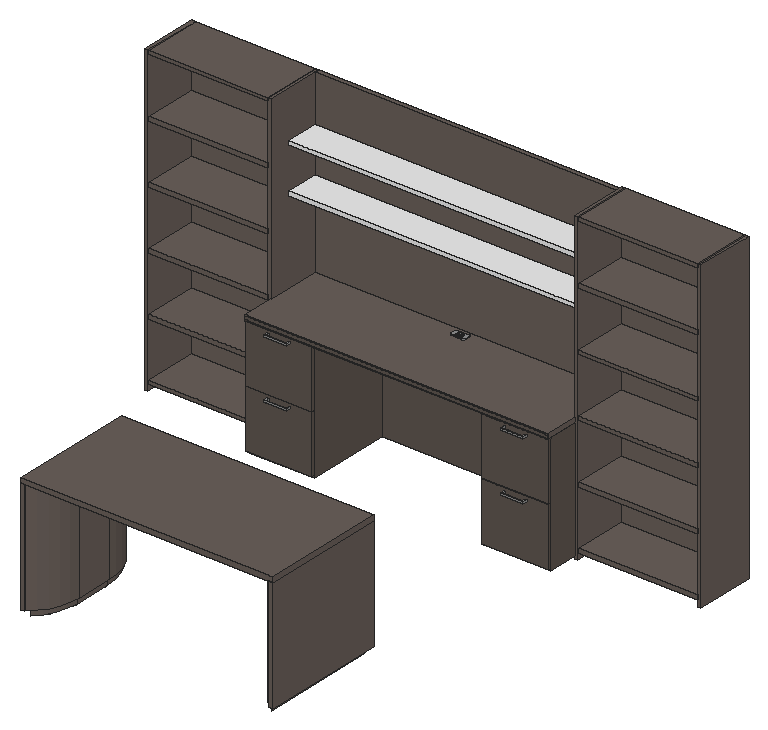
Revit family "OFS TYPICAL T100178", category Furniture, Revit 2022
Family settings
  OmniClass Number = 23.40.20.00
  OmniClass Title = General Furniture and Specialties
  Work Plane-Based = No
  Always vertical = Yes
  Cut with Voids When Loaded = No
  Render Appearance Source = Family Geometry
  Shared = No
  Room Calculation Point = No
Parameters (values of type "T100178")
  URL = "http://ofs.com/"
  Model = "T100178"
  Manufacturer = "OFS"
  Description = "OFS TYPICAL T100178"
  Default Elevation = 0' - 0"
  Copyright © = "©OFS 2024"
  Catalog = ""
  Authoring Version = "Autodesk Revit 2018"
  Assembly Code = "E2020200"
Reference planes (in)
  plane 1 "Center Front/Back": y = 0
  plane 2: z = 0
  plane 3 "Center Left/Right": x = 0
Dimensions and locks (in)
  nested 1 to nested 5 = 11' - 0"
  nested 2 to plane 1 "Center Front/Back" = 8' - 0"
  aligned and locked: level to plane 2
Nested families (in)
  nested 1: "OFS IMPULSE G2 BOOKCASES 5 Shelves" at (-50.718, -10, 0), type "Bookcase 5 Shelves 30x72.5"
  nested 2: "OFS IMPULSE G2 HEIGHT ADJUSTABLE ARC BASE DESKS" at (0, -81, 0), type "Height Adjustable Arc Base Desk 60x30"
  nested 3: "OFS IMPULSE G2 DOUBLE PEDESTAL KNEESPACE CREDENZAS" at (0, -7, 0), type "Full Kneespace Credenza 72"
    with Groomet Option yes
  nested 4: "OFS IMPULSE G2 WALLMOUNT MEDIA PANELS for Desk Height Worksurfaces" at (0, 0.00078, 0), type "Wallmount Media Panel for Desk Height Worksurface 72x43"
    with Top Shelf Option yes, Middle Shelf Option yes, Bottom Shelf Option yes
  nested 5: "OFS IMPULSE G2 BOOKCASES 5 Shelves" at (50.718, -10, 0) x (-1, 0, 0) z (0, 0, 1), type "Bookcase 5 Shelves 30x72.875"
Definition of nested family "OFS IMPULSE G2 BOOKCASES 5 Shelves"
  Parameters (values of type "Bookcase 5 Shelves 36x72.875")
    URL = "https://ofs.com/"
    Width = 3' - 0"
    Shelf Material = none
    Model = "5-3673BC"
    Manufacturer = "OFS"
    Height from Floor = 0' - 0"
    Height = 6' - 0 7/8"
    Description = "OFS IMPULSE G2 BOOKCASE 5 SHELVES, 36\" Width, 72.875\" Height, Three Adjustable Shelves, Two Stationary Shelves"
    Depth = 1' - 2"
    Default Elevation = 0' - 0"
    Copyright © = "©OFS 2020"
    Catalog = "https://ofs.com/products/casegoods/private-office/pulse"
    Chassis Material = none
    Authoring Version = "Autodesk Revit Architecture 2015"
    Assembly Code = "E2020200"
  Types (5): name | Width | Model | Height | Description
    (no name) | 3' - 0" | "5-3673BC" | 6' - 0 7/8" | "OFS IMPULSE G2 BOOKCASE 5 SHELVES, 36\" Width, 72.875\" Height, Three Adjustable Shelves, Two Stationary Shelves"
    Bookcase 5 Shelves 30x72.5 | 2' - 6" | "5-3072BC2" | 6' - 0 1/2" | "OFS IMPULSE G2 BOOKCASE 5 SHELVES, 30\" Width, Three Adjustable Shelves, Two Stationary Shelves"
    Bookcase 5 Shelves 36x72.5 | 3' - 0" | "5-3672BC2" | 6' - 0 1/2" | "OFS IMPULSE G2 BOOKCASE 5 SHELVES, 36\" Width, Three Adjustable Shelves, Two Stationary Shelves"
    Bookcase 5 Shelves 30x72.875 | 2' - 6" | "5-3073BC" | 6' - 0 7/8" | "OFS IMPULSE G2 BOOKCASE 5 SHELVES, 30\" Width, 72.875\" Height, Three Adjustable Shelves, Two Stationary Shelves"
    Bookcase 5 Shelves 36x72.875 | 3' - 0" | "5-3673BC" | 6' - 0 7/8" | "OFS IMPULSE G2 BOOKCASE 5 SHELVES, 36\" Width, 72.875\" Height, Three Adjustable Shelves, Two Stationary Shelves"
  Reference planes (in)
    plane 1 "Center Front/Back": y = 3
    plane 2: z = 0
    plane 3 "Center Left/Right": x = -0.282
    plane 4 "LEFT": x = -18.282
    plane 5 "BASE HEIGHT": z = 0
    plane 6 "PEDESTAL FRONT": y = -4
    plane 7 "BACK": y = 10
    plane 8: x = 17.718
    plane 9: z = 72.875
    plane 10: x = -17.532
    plane 11: x = 16.968
    plane 12: z = 72.125
    plane 13: y = 9.5
    plane 14: y = 8.75
    plane 15: z = 44.725
    plane 16: z = 43.725
    plane 17: z = 2.5
    plane 18: z = 1.5
    plane 19: z = 58.8
    plane 20: z = 57.8
    plane 21: z = 30.65
    plane 22: z = 29.65
    plane 23: z = 16.575
    plane 24: z = 15.575
  Forms (in)
    Extrusion 1, solid, material <- "Chassis Material"
      sketch origin (0, 0, 0) x (1, 0, 0) y (0, 1, 0)
        loop
          line (-18.282, 10) -> (-18.282, -4) -> (-17.532, -4) -> (-17.532, 10) -> (-18.282, 10)
        loop
          line (17.718, 10) -> (16.968, 10) -> (16.968, -4) -> (17.718, -4) -> (17.718, 10)
      from 0 to 72.875
    Extrusion 2, solid, material <- "Chassis Material"
      sketch origin (0, 0, 0) x (1, 0, 0) y (0, 1, 0)
        loop
          line (-17.532, 9.5) -> (-17.532, 8.75) -> (16.968, 8.75) -> (16.968, 9.5) -> (-17.532, 9.5)
      from 0 to 72.125
    Extrusion 3, solid, material <- "Chassis Material"
      sketch origin (0, 0, 0) x (1, 0, 0) y (0, 1, 0)
        loop
          line (-17.532, 10) -> (-17.532, -4) -> (16.968, -4) -> (16.968, 10) -> (-17.532, 10)
      from 72.125 to 72.875
    Extrusion 4, solid, material <- "Shelf Material"
      sketch origin (0, 0, -15) x (1, 0, 0) y (0, 1, 0)
        loop
          line (-17.532, 8.75) -> (-17.532, -4) -> (16.968, -4) -> (16.968, 8.75) -> (-17.532, 8.75)
      from 58.725 to 59.725
    Extrusion 5, solid, material <- "Shelf Material"
      sketch origin (0, 0, -50.16667) x (1, 0, 0) y (0, 1, 0)
        loop
          line (-17.532, 8.75) -> (-17.532, -4) -> (16.968, -4) -> (16.968, 8.75) -> (-17.532, 8.75)
      from 51.66667 to 52.66667
    Extrusion 6, solid, material <- "Shelf Material"
      sketch origin (0, 0, -3) x (1, 0, 0) y (0, 1, 0)
        loop
          line (-17.532, 8.75) -> (-17.532, -4) -> (16.968, -4) -> (16.968, 8.75) -> (-17.532, 8.75)
      from 60.8 to 61.8
    Extrusion 7, solid, material <- "Shelf Material"
      sketch origin (0, 0, -30) x (1, 0, 0) y (0, 1, 0)
        loop
          line (-17.532, 8.75) -> (-17.532, -4) -> (16.968, -4) -> (16.968, 8.75) -> (-17.532, 8.75)
      from 59.65 to 60.65
    Extrusion 8, solid, material <- "Shelf Material"
      sketch origin (0, 0, -44.6064) x (1, 0, 0) y (0, 1, 0)
        loop
          line (-17.532, 8.75) -> (-17.532, -4) -> (16.968, -4) -> (16.968, 8.75) -> (-17.532, 8.75)
      from 60.1814 to 61.1814
  Dimensions and locks (in)
    "Width": plane 4 "LEFT" to plane 8
    equal spacing: plane 4 "LEFT", plane 3 "Center Left/Right", plane 8
    equal spacing: plane 7 "BACK", plane 1 "Center Front/Back", plane 6 "PEDESTAL FRONT"
    "Depth": plane 6 "PEDESTAL FRONT" to plane 7 "BACK"
    "Height from Floor": plane 5 "BASE HEIGHT" to level
    "Height": plane 9 to plane 5 "BASE HEIGHT"
    plane 9 to plane 12 = 0' - 0 3/4"
    plane 4 "LEFT" to plane 10 = 0' - 0 3/4"
    plane 11 to plane 8 = 0' - 0 3/4"
    locked: plane 15 to plane 16 at 1
    plane 17 to plane 18 to level = 0' - 1" locked, 0' - 1 1/2" locked
    locked: plane 19 to plane 20 at 1
    locked: plane 21 to plane 22 at 1
    locked: plane 23 to plane 24 at 1
    equal spacing: plane 9, plane 19, plane 15, plane 21, plane 23, plane 17
    aligned and locked: level to plane 2
    aligned and locked: Extrusion 1 sketch curve to plane 7 "BACK"  (x2)
    aligned and locked: plane 4 "LEFT" to Extrusion 1 sketch curve
    aligned and locked: plane 6 "PEDESTAL FRONT" to Extrusion 1 sketch curve  (x2)
    aligned and locked: Extrusion 1 sketch curve to plane 10
    aligned and locked: Extrusion 1 sketch curve to plane 8
    aligned and locked: plane 11 to Extrusion 1 sketch curve
    aligned and locked: Extrusion 2 sketch curve to plane 13
    aligned and locked: plane 10 to Extrusion 2 sketch curve
    aligned and locked: plane 14 to Extrusion 2 sketch curve
    aligned and locked: plane 11 to Extrusion 2 sketch curve
    aligned and locked: Extrusion 2 to plane 5 "BASE HEIGHT"
    aligned and locked: plane 12 to Extrusion 2
    aligned and locked: plane 9 to Extrusion 1
    aligned and locked: Extrusion 3 sketch curve to plane 7 "BACK"
    aligned and locked: Extrusion 3 sketch curve to plane 6 "PEDESTAL FRONT"
    aligned and locked: plane 10 to Extrusion 3 sketch curve
    aligned and locked: plane 11 to Extrusion 3 sketch curve
    aligned and locked: plane 9 to Extrusion 3
    aligned and locked: Extrusion 3 to plane 12
    aligned and locked: plane 15 to Extrusion 4
    aligned and locked: Extrusion 4 to plane 16
    aligned and locked: plane 14 to Extrusion 4
    aligned and locked: Extrusion 1 to level
    aligned and locked: plane 17 to Extrusion 5
    aligned and locked: Extrusion 5 to plane 18
    aligned and locked: plane 19 to Extrusion 6
    aligned and locked: Extrusion 6 to plane 20
    aligned and locked: plane 21 to Extrusion 7
    aligned and locked: Extrusion 7 to plane 22
    aligned and locked: plane 23 to Extrusion 8
    aligned and locked: Extrusion 8 to plane 24
  Automatic sketch dimensions
    Extrusion 4 sketch curve to plane 6 "PEDESTAL FRONT" = 0' - 0"
    Extrusion 4 sketch curve to plane 10 = 0' - 0"
    Extrusion 4 sketch curve to plane 11 = 0' - 0"
    Extrusion 4 sketch curve to plane 14 = 0' - 0"
    Extrusion 5 sketch curve to plane 6 "PEDESTAL FRONT" = 0' - 0"
    Extrusion 5 sketch curve to plane 10 = 0' - 0"
    Extrusion 5 sketch curve to plane 11 = 0' - 0"
    Extrusion 5 sketch curve to plane 14 = 0' - 0"
    Extrusion 6 sketch curve to plane 6 "PEDESTAL FRONT" = 0' - 0"
    Extrusion 6 sketch curve to plane 10 = 0' - 0"
    Extrusion 6 sketch curve to plane 11 = 0' - 0"
    Extrusion 6 sketch curve to plane 14 = 0' - 0"
    Extrusion 7 sketch curve to plane 6 "PEDESTAL FRONT" = 0' - 0"
    Extrusion 7 sketch curve to plane 10 = 0' - 0"
    Extrusion 7 sketch curve to plane 11 = 0' - 0"
    Extrusion 7 sketch curve to plane 14 = 0' - 0"
    Extrusion 8 sketch curve to plane 6 "PEDESTAL FRONT" = 0' - 0"
    Extrusion 8 sketch curve to plane 10 = 0' - 0"
    Extrusion 8 sketch curve to plane 11 = 0' - 0"
    Extrusion 8 sketch curve to plane 14 = 0' - 0"
Definition of nested family "OFS IMPULSE G2 HEIGHT ADJUSTABLE ARC BASE DESKS"
  Parameters (values of type "Height Adjustable Arc Base Desk 60x30")
    URL = "https://ofs.com/"
    Glides Material = none
    Depth = 2' - 6"
    Model = "5-6030HADABD"
    Manufacturer = "OFS"
    Worksurface Finish = none
    Height = 2' - 6"
    Description = "OPS IMPULSE G2 WALLMOUNT MEDIA PANEL USED WITH LOW HEIGHT WORKSURFACE, 60\" Width, 30\" Depth"
    Width = 5' - 0"
    Default Elevation = 0' - 0"
    Curved Delta = 0' - 9"
    Copyright © = "©OFS 2020"
    Catalog = "https://ofs.com/products/casegoods/private-office/impulse-g2"
    Base Material = none
    Authoring Version = "Autodesk Revit Architecture 2015"
    Assembly Code = "E2020200"
  Types (5): name | Depth | Model | Description | Width | Curved Delta
    (no name) | 2' - 6" | "5-6030HADABD" | "OPS IMPULSE G2 WALLMOUNT MEDIA PANEL USED WITH LOW HEIGHT WORKSURFACE, 60\" Width, 30\" Depth" | 5' - 0" | 0' - 9"
    Height Adjustable Arc Base Desk 60x30 | 2' - 6" | "5-6030HADABD" | "OPS IMPULSE G2 WALLMOUNT MEDIA PANEL USED WITH LOW HEIGHT WORKSURFACE, 60\" Width, 30\" Depth" | 5' - 0" | 0' - 9"
    Height Adjustable Arc Base Desk 72x36 | 3' - 0" | "5-7236HADABD" | "OPS IMPULSE G2 WALLMOUNT MEDIA PANEL USED WITH LOW HEIGHT WORKSURFACE, 72\" Width, 36\" Depth" | 6' - 0" | 1' - 3"
    Height Adjustable Arc Base Desk 66x30 | 2' - 6" | "5-6630HADABD" | "OPS IMPULSE G2 WALLMOUNT MEDIA PANEL USED WITH LOW HEIGHT WORKSURFACE, 66\" Width, 30\" Depth" | 5' - 6" | 0' - 9"
    Height Adjustable Arc Base Desk 72x30 | 2' - 6" | "5-7230HADABD" | "OPS IMPULSE G2 WALLMOUNT MEDIA PANEL USED WITH LOW HEIGHT WORKSURFACE, 72\" Width, 30\" Depth" | 6' - 0" | 0' - 9"
  Reference planes (in)
    plane 1 "BACK": y = 0
    plane 2: z = 0
    plane 3 "Center Left/Right": x = 0
    plane 4 "LEFT": x = -30
    plane 5 "RIGHT": x = 30
    plane 6: z = 30
    plane 7: y = 15
    plane 8: y = -15
    plane 9: z = 28.8125
    plane 10: z = 22.8125
    plane 11: z = 1.9375
    plane 12: z = 0.5
    plane 13: z = 22.5
    plane 14: x = -29
    plane 15: x = -24.25
    plane 16: x = -19.75
    plane 17: x = -16.75
    plane 18: x = 29
    plane 19: x = 24.25
    plane 20: x = 19.75
    plane 21: x = 16.75
    plane 22: y = -4.5
    plane 23: y = 4.5
    plane 24: y = 4.5
    plane 25: y = 3.75
    plane 26: y = -4.5
    plane 27: y = -3.75
    plane 28: y = -9.75
    plane 29: y = 9.75
  Forms (in)
    Extrusion 1, solid, material <- "Base Material"
      sketch origin (0, 0, 0) x (-1, 0, 0) y (0, -1, 0)
        loop
          line (-24.25, -4.5) -> (-24.25, 4.5)
          arc (-24.25, 4.5) -> (-25.49458, 10.17693) -> (-29, 14.8125) r 13.56949
          line (-29, 14.8125) -> (-29, 15) -> (-30, 15) -> (-30, -15) -> (-29, -15) -> (-29, -14.8125)
          arc (-29, -14.8125) -> (-25.49458, -10.17693) -> (-24.25, -4.5) r 13.56949
      from 1.9375 to 28.8125
    Extrusion 2, solid, material <- "Base Material"
      sketch origin (0, 0, 0) x (1, 0, 0) y (0, 1, 0)
        loop
          arc (-24.25, 4.5) -> (-25.49458, 10.17693) -> (-29, 14.8125) r 13.56949
          line (-29, 14.8125) -> (-29, 15) -> (-30, 15) -> (-30, -15) -> (-29, -15) -> (-29, -14.8125)
          arc (-29, -14.8125) -> (-25.49458, -10.17693) -> (-24.25, -4.5) r 13.56949
          line (-24.25, -4.5) -> (-24.25, 4.5)
      from 1.9375 to 28.8125
    Extrusion 3, solid, material <- "Base Material"
      sketch origin (0, 0, 0) x (1, 0, 0) y (0, 1, 0)
        loop
          arc (-28.5625, -13.72603) -> (-25.74067, -9.49136) -> (-24.75, -4.5) r 13.06949
          line (-24.75, -4.5) -> (-24.75, 4.5)
          arc (-24.75, 4.5) -> (-25.74067, 9.49136) -> (-28.5625, 13.72603) r 13.06949
          line (-28.5625, 13.72603) -> (-28.5625, -13.72603)
      from 0.5 to 22.5
    Extrusion 4, solid, material <- "Base Material"
      sketch origin (0, 0, 0) x (-1, 0, 0) y (0, -1, 0)
        loop
          line (-28.5625, 13.72603) -> (-28.5625, -13.72603)
          arc (-28.5625, -13.72603) -> (-25.74067, -9.49136) -> (-24.75, -4.5) r 13.06949
          line (-24.75, -4.5) -> (-24.75, 4.5)
          arc (-24.75, 4.5) -> (-25.74067, 9.49136) -> (-28.5625, 13.72603) r 13.06949
      from 0.5 to 22.5
    Extrusion 5, solid, material <- "Base Material"
      sketch origin (0, 0, 0) x (1, 0, 0) y (0, 0, 1)
        loop
          line (24.25, 22.8125) -> (24.25, 28.8125) -> (19.75, 28.8125)
          arc (19.75, 28.8125) -> (18.25, 27.3125) -> (16.75, 28.8125) r 1.5
          line (16.75, 28.8125) -> (-16.75, 28.8125)
          arc (-16.75, 28.8125) -> (-18.25, 27.3125) -> (-19.75, 28.8125) r 1.5
          line (-19.75, 28.8125) -> (-24.25, 28.8125) -> (-24.25, 22.8125) -> (-19.75, 22.8125)
          arc (-19.75, 22.8125) -> (-18.33256, 23.12555) -> (-17.17882, 24.00647) r 3.36545
          arc (-17.17882, 24.00647) -> (-14.95051, 25.70787) -> (-12.21288, 26.3125) r 6.5
          line (-12.21288, 26.3125) -> (12.21288, 26.3125)
          arc (12.21288, 26.3125) -> (14.95051, 25.70787) -> (17.17882, 24.00647) r 6.5
          arc (17.17882, 24.00647) -> (18.33256, 23.12555) -> (19.75, 22.8125) r 3.36545
          line (19.75, 22.8125) -> (24.25, 22.8125)
      from 3.75 to 4.5
    Extrusion 6, solid, material <- "Base Material"
      sketch origin (0, 0, 0) x (1, 0, 0) y (0, 0, 1)
        loop
          line (-24.25, 28.8125) -> (-24.25, 22.8125) -> (24.25, 22.8125) -> (24.25, 28.8125) -> (19.75, 28.8125)
          arc (19.75, 28.8125) -> (18.25, 27.3125) -> (16.75, 28.8125) r 1.5
          line (16.75, 28.8125) -> (-16.75, 28.8125)
          arc (-16.75, 28.8125) -> (-18.25, 27.3125) -> (-19.75, 28.8125) r 1.5
          line (-19.75, 28.8125) -> (-24.25, 28.8125)
      from -4.5 to -3.75
    Extrusion 7, solid, material <- "Worksurface Finish"
      sketch origin (0, 0, 0) x (1, 0, 0) y (0, 1, 0)
        loop
          line (-30, 15) -> (-30, -15) -> (30, -15) -> (30, 15) -> (-30, 15)
      from 28.8125 to 30
    Revolve 8, solid, material <- "Glides Material"
      sketch origin (-85.24176, -9.75, 0) x (1, 0, 0) y (0, 0, 1)
        loop
          line (57.90018, 0.5) -> (57.57518, 0.5) -> (57.57518, 0.2225) -> (57.47673, 0.2225)
          arc (57.47673, 0.2225) -> (57.36548, 0.11125) -> (57.47673, 0) r 0.11125
          line (57.47673, 0) -> (57.90018, 0) -> (57.90018, 0.5)
        axis (57.90018, 0) -> (57.90018, 0.5)
      angle from 0 to 360
    Revolve 9, solid, material <- "Glides Material"
      sketch origin (-83.61392, -4.5, 0) x (1, 0, 0) y (0, 0, 1)
        loop
          line (57.90018, 0.5) -> (57.57518, 0.5) -> (57.57518, 0.2225) -> (57.47673, 0.2225)
          arc (57.47673, 0.2225) -> (57.36548, 0.11125) -> (57.47673, 0) r 0.11125
          line (57.47673, 0) -> (57.90018, 0) -> (57.90018, 0.5)
        axis (57.90018, 0) -> (57.90018, 0.5)
      angle from 0 to 360
    Revolve 10, solid, material <- "Glides Material"
      sketch origin (-85.24176, 9.75, 0) x (1, 0, 0) y (0, 0, -1)
        loop
          line (57.90018, -0.5) -> (57.90018, 0) -> (57.47673, 0)
          arc (57.47673, 0) -> (57.36548, -0.11125) -> (57.47673, -0.2225) r 0.11125
          line (57.47673, -0.2225) -> (57.57518, -0.2225) -> (57.57518, -0.5) -> (57.90018, -0.5)
        axis (57.90018, 0) -> (57.90018, -0.5)
      angle from 0 to 360
    Revolve 11, solid, material <- "Glides Material"
      sketch origin (-83.61392, 4.5, 0) x (1, 0, 0) y (0, 0, -1)
        loop
          line (57.90018, -0.5) -> (57.90018, 0) -> (57.47673, 0)
          arc (57.47673, 0) -> (57.36548, -0.11125) -> (57.47673, -0.2225) r 0.11125
          line (57.47673, -0.2225) -> (57.57518, -0.2225) -> (57.57518, -0.5) -> (57.90018, -0.5)
        axis (57.90018, 0) -> (57.90018, -0.5)
      angle from 0 to 360
    Revolve 12, solid, material <- "Glides Material"
      sketch origin (85.24176, -9.75, 0) x (-1, 0, 0) y (0, 0, -1)
        loop
          line (57.90018, -0.5) -> (57.90018, 0) -> (57.47673, 0)
          arc (57.47673, 0) -> (57.36548, -0.11125) -> (57.47673, -0.2225) r 0.11125
          line (57.47673, -0.2225) -> (57.57518, -0.2225) -> (57.57518, -0.5) -> (57.90018, -0.5)
        axis (57.90018, 0) -> (57.90018, -0.5)
      angle from 0 to 360
    Revolve 13, solid, material <- "Glides Material"
      sketch origin (83.61392, -4.5, 0) x (-1, 0, 0) y (0, 0, -1)
        loop
          line (57.90018, -0.5) -> (57.90018, 0) -> (57.47673, 0)
          arc (57.47673, 0) -> (57.36548, -0.11125) -> (57.47673, -0.2225) r 0.11125
          line (57.47673, -0.2225) -> (57.57518, -0.2225) -> (57.57518, -0.5) -> (57.90018, -0.5)
        axis (57.90018, 0) -> (57.90018, -0.5)
      angle from 0 to 360
    Revolve 14, solid, material <- "Glides Material"
      sketch origin (85.24176, 9.75, 0) x (-1, 0, 0) y (0, 0, 1)
        loop
          line (57.90018, 0.5) -> (57.57518, 0.5) -> (57.57518, 0.2225) -> (57.47673, 0.2225)
          arc (57.47673, 0.2225) -> (57.36548, 0.11125) -> (57.47673, 0) r 0.11125
          line (57.47673, 0) -> (57.90018, 0) -> (57.90018, 0.5)
        axis (57.90018, 0) -> (57.90018, 0.5)
      angle from 0 to 360
    Revolve 15, solid, material <- "Glides Material"
      sketch origin (83.61392, 4.5, 0) x (-1, 0, 0) y (0, 0, 1)
        loop
          line (57.90018, 0.5) -> (57.57518, 0.5) -> (57.57518, 0.2225) -> (57.47673, 0.2225)
          arc (57.47673, 0.2225) -> (57.36548, 0.11125) -> (57.47673, 0) r 0.11125
          line (57.47673, 0) -> (57.90018, 0) -> (57.90018, 0.5)
        axis (57.90018, 0) -> (57.90018, 0.5)
      angle from 0 to 360
  Dimensions and locks (in)
    "Width": plane 4 "LEFT" to plane 5 "RIGHT"
    equal spacing: plane 4 "LEFT", plane 3 "Center Left/Right", plane 5 "RIGHT"
    equal spacing: plane 8, plane 1 "BACK", plane 7
    "Depth": plane 8 to plane 7
    "Height": plane 6 to level
    plane 11 to plane 10 to plane 9 to plane 6 = 1' - 8 7/8" locked, 0' - 6" locked, 0' - 1 3/16" locked
    plane 13 to plane 12 to level = 1' - 10" locked, 0' - 0 1/2" locked
    plane 4 "LEFT" to plane 14 to plane 15 to plane 16 to plane 17 = 0' - 1" locked, 0' - 4 3/4" locked, 0' - 4 1/2" locked, 0' - 3" locked
    plane 5 "RIGHT" to plane 18 to plane 19 to plane 20 to plane 21 = 0' - 1" locked, 0' - 4 3/4" locked, 0' - 4 1/2" locked, 0' - 3" locked
    equal spacing: plane 23, plane 1 "BACK", plane 22
    "Curved Delta": plane 23 to plane 22
    plane 26 to plane 27 to plane 1 "BACK" to plane 25 to plane 24 = 0' - 0 3/4" locked, 0' - 3 3/4" locked, 0' - 3 3/4" locked, 0' - 0 3/4" locked
    equal spacing: plane 22, plane 28, plane 8
    equal spacing: plane 23, plane 29, plane 7
    aligned and locked: plane 9 to Extrusion 1
    aligned and locked: plane 11 to Extrusion 1
    aligned and locked: plane 22 to Extrusion 1 sketch curve
    aligned and locked: plane 23 to Extrusion 1 sketch curve
    aligned and locked: plane 12 to Extrusion 4
    aligned and locked: plane 12 to Extrusion 3
    aligned and locked: Extrusion 4 to plane 13
    aligned and locked: Extrusion 3 to plane 13
    aligned and locked: plane 9 to Extrusion 2
    aligned and locked: plane 11 to Extrusion 2
    aligned and locked: Extrusion 5 sketch curve to plane 10
    aligned and locked: Extrusion 5 sketch curve to plane 15
    aligned and locked: Extrusion 5 sketch curve to plane 9
    aligned and locked: plane 19 to Extrusion 5 sketch curve
    aligned and locked: plane 16 to Extrusion 5 sketch curve
    aligned and locked: plane 20 to Extrusion 5 sketch curve
    aligned and locked: Extrusion 5 to plane 26
    aligned and locked: Extrusion 5 to plane 27
    aligned and locked: plane 15 to Extrusion 6 sketch curve
    aligned and locked: Extrusion 6 sketch curve to plane 9
    aligned and locked: plane 19 to Extrusion 6 sketch curve
    aligned and locked: Extrusion 6 sketch curve to plane 10
    aligned and locked: plane 24 to Extrusion 6
    aligned and locked: Extrusion 6 to plane 25
    aligned and locked: Extrusion 7 sketch curve to plane 8
    aligned and locked: Extrusion 7 sketch curve to plane 5 "RIGHT"
    aligned and locked: Extrusion 7 sketch curve to plane 7
    aligned and locked: plane 4 "LEFT" to Extrusion 7 sketch curve
    aligned and locked: Extrusion 7 to plane 9
    aligned and locked: plane 6 to Extrusion 7
    aligned and locked: plane 28 to Revolve 8
    aligned and locked: plane 22 to Revolve 9
    aligned and locked: plane 23 to Revolve 11
    aligned and locked: plane 29 to Revolve 10
    aligned and locked: plane 29 to Revolve 14
    aligned and locked: plane 28 to Revolve 12
    aligned and locked: plane 23 to Revolve 15
    aligned and locked: plane 22 to Revolve 13
  Automatic sketch dimensions
    Extrusion 1 sketch curve to plane 5 "RIGHT" = 0' - 0"
    Extrusion 1 sketch curve to plane 18 = 0' - 0"  (x2)
    Extrusion 1 sketch curve to plane 19 = 0' - 0"
    plane 8 to Extrusion 1 sketch curve = 0' - 0"
    Extrusion 1 sketch curve to plane 7 = 0' - 0"
    Extrusion 1 sketch curve to plane 5 "RIGHT" = 0' - 7.81949"  (x2)
    Extrusion 2 sketch curve to plane 23 = 0' - 0"
    Extrusion 2 sketch curve to plane 22 = 0' - 0"
    Extrusion 2 sketch curve to plane 4 "LEFT" = 0' - 0"
    Extrusion 2 sketch curve to plane 14 = 0' - 0"  (x2)
    Extrusion 2 sketch curve to plane 15 = 0' - 0"
    plane 8 to Extrusion 2 sketch curve = 0' - 0"
    Extrusion 2 sketch curve to plane 7 = 0' - 0"
    Extrusion 2 sketch curve to plane 4 "LEFT" = 0' - 7.81949"  (x2)
    Extrusion 3 sketch curve to plane 22 = 0' - 0"
    Extrusion 3 sketch curve to plane 23 = 0' - 0"
    Extrusion 3 sketch curve to plane 4 "LEFT" = 0' - 7.81949"  (x2)
    plane 14 to Extrusion 3 sketch curve = 0' - 0 7/16"
    Extrusion 3 sketch curve to plane 15 = 0' - 0 1/2"
    plane 22 to Extrusion 4 sketch curve = 0' - 0"
    plane 23 to Extrusion 4 sketch curve = 0' - 0"
    Extrusion 4 sketch curve to plane 5 "RIGHT" = 0' - 7.81949"  (x2)
    Extrusion 4 sketch curve to plane 18 = 0' - 0 7/16"
    plane 19 to Extrusion 4 sketch curve = 0' - 0 1/2"
    Extrusion 5 sketch curve to plane 16 = 0' - 0"
    Extrusion 5 sketch curve to plane 17 = 0' - 0"
    plane 21 to Extrusion 5 sketch curve = 0' - 0"
    plane 20 to Extrusion 5 sketch curve = 0' - 0"
    Extrusion 5 sketch curve to plane 10 = 0' - 0"
    Extrusion 5 sketch curve to plane 9 = 0' - 2 1/2"
    plane 17 to Extrusion 5 sketch curve = 0' - 4.53712"
    plane 21 to Extrusion 5 sketch curve = 0' - 4.53712"
    plane 13 to Extrusion 5 sketch curve = 0' - 2 11/16"  (x2)
    Extrusion 5 sketch curve to plane 9 = 0' - 2.63455"
    Extrusion 5 sketch curve to Extrusion 5 sketch curve = 0' - 2.63455"
    Extrusion 6 sketch curve to plane 16 = 0' - 0"
    Extrusion 6 sketch curve to plane 17 = 0' - 0"
    plane 21 to Extrusion 6 sketch curve = 0' - 0"
    plane 20 to Extrusion 6 sketch curve = 0' - 0"
    Revolve 8 sketch curve to level = 0' - 0"
    Revolve 8 sketch curve to plane 12 = 0' - 0"  (x2)
    level to Revolve 8 sketch curve = 0' - 0.11125"
    plane 14 to Revolve 8 sketch curve = 0' - 1.23496"
    Revolve 8 sketch curve to Revolve 8 sketch curve = 0' - 0.09845"
    Revolve 8 sketch curve to Revolve 8 sketch curve = 0' - 0.325"
    Revolve 8 sketch curve to Revolve 8 sketch curve = 0' - 0"
    Revolve 8 sketch curve to Revolve 8 sketch curve = 0' - 0.17632"
    Revolve 9 sketch curve to level = 0' - 0"
    Revolve 9 sketch curve to plane 12 = 0' - 0"  (x2)
    level to Revolve 9 sketch curve = 0' - 0.11125"
    Revolve 9 sketch curve to plane 15 = 0' - 1.88719"
    Revolve 9 sketch curve to Revolve 9 sketch curve = 0' - 0.09845"
    Revolve 9 sketch curve to Revolve 9 sketch curve = 0' - 0.325"
    Revolve 9 sketch curve to Revolve 9 sketch curve = 0' - 0"
    Revolve 9 sketch curve to Revolve 9 sketch curve = 0' - 0.17632"
    Revolve 10 sketch curve to level = 0' - 0"
    Revolve 10 sketch curve to plane 12 = 0' - 0"  (x2)
    level to Revolve 10 sketch curve = 0' - 0.11125"
    plane 14 to Revolve 10 sketch curve = 0' - 1.23496"
    Revolve 10 sketch curve to Revolve 10 sketch curve = 0' - 0.09845"
    Revolve 10 sketch curve to Revolve 10 sketch curve = 0' - 0.325"
    Revolve 10 sketch curve to Revolve 10 sketch curve = 0' - 0"
    Revolve 10 sketch curve to Revolve 10 sketch curve = 0' - 0.17632"
    Revolve 11 sketch curve to level = 0' - 0"
    Revolve 11 sketch curve to plane 12 = 0' - 0"  (x2)
    level to Revolve 11 sketch curve = 0' - 0.11125"
    Revolve 11 sketch curve to plane 15 = 0' - 1.88719"
    Revolve 11 sketch curve to Revolve 11 sketch curve = 0' - 0.09845"
    Revolve 11 sketch curve to Revolve 11 sketch curve = 0' - 0.325"
    Revolve 11 sketch curve to Revolve 11 sketch curve = 0' - 0"
    Revolve 11 sketch curve to Revolve 11 sketch curve = 0' - 0.17632"
    Revolve 12 sketch curve to level = 0' - 0"
    Revolve 12 sketch curve to plane 12 = 0' - 0"  (x2)
    level to Revolve 12 sketch curve = 0' - 0.11125"
    plane 18 to Revolve 12 sketch curve = 0' - 1.23496"
    Revolve 12 sketch curve to Revolve 12 sketch curve = 0' - 0.09845"
    Revolve 12 sketch curve to Revolve 12 sketch curve = 0' - 0.325"
    Revolve 12 sketch curve to Revolve 12 sketch curve = 0' - 0"
    Revolve 12 sketch curve to Revolve 12 sketch curve = 0' - 0.17632"
    Revolve 13 sketch curve to level = 0' - 0"
    Revolve 13 sketch curve to plane 12 = 0' - 0"  (x2)
    level to Revolve 13 sketch curve = 0' - 0.11125"
    Revolve 13 sketch curve to plane 19 = 0' - 1.88719"
    Revolve 13 sketch curve to Revolve 13 sketch curve = 0' - 0.09845"
    Revolve 13 sketch curve to Revolve 13 sketch curve = 0' - 0.325"
    Revolve 13 sketch curve to Revolve 13 sketch curve = 0' - 0"
    Revolve 13 sketch curve to Revolve 13 sketch curve = 0' - 0.17632"
    Revolve 14 sketch curve to level = 0' - 0"
    Revolve 14 sketch curve to plane 12 = 0' - 0"  (x2)
    level to Revolve 14 sketch curve = 0' - 0.11125"
    plane 18 to Revolve 14 sketch curve = 0' - 1.23496"
    Revolve 14 sketch curve to Revolve 14 sketch curve = 0' - 0.09845"
    Revolve 14 sketch curve to Revolve 14 sketch curve = 0' - 0.325"
    Revolve 14 sketch curve to Revolve 14 sketch curve = 0' - 0"
    Revolve 14 sketch curve to Revolve 14 sketch curve = 0' - 0.17632"
    Revolve 15 sketch curve to level = 0' - 0"
    Revolve 15 sketch curve to plane 12 = 0' - 0"  (x2)
    level to Revolve 15 sketch curve = 0' - 0.11125"
    Revolve 15 sketch curve to plane 19 = 0' - 1.88719"
    Revolve 15 sketch curve to Revolve 15 sketch curve = 0' - 0.09845"
    Revolve 15 sketch curve to Revolve 15 sketch curve = 0' - 0.325"
    Revolve 15 sketch curve to Revolve 15 sketch curve = 0' - 0"
    Revolve 15 sketch curve to Revolve 15 sketch curve = 0' - 0.17632"
Definition of nested family "OFS IMPULSE G2 DOUBLE PEDESTAL KNEESPACE CREDENZAS"
  Parameters (values of type "3/4 Kneespace Credenza 60")
    URL = "https://ofs.com/"
    Model = "5-6022CR2"
    Height = 1' - 9 1/4"
    Groomet Material = none
    Drawer Front Finish = none
    Top Material = none
    Manufacturer = "OFS"
    Edge Material = none
    Description = "OFS IMPULSE G2 KNEESPACE CREDENZA 3/4 PED 60X22"
    Width = 5' - 0"
    Default Elevation = 0' - 0"
    Copyright © = "©OFS 2020"
    Chassis Material = none
    Groomet Option [instance] = yes
    Catalog = "https://ofs.com/products/casegoods/private-office/impulse-g2"
    Authoring Version = "Autodesk Revit Architecture 2015"
    Assembly Code = "E2020200"
  Types (7): name | Model | Height | Description | Width
    (no name) | "5-6022CR2" | 1' - 9 1/4" | "OFS IMPULSE G2 KNEESPACE CREDENZA 3/4 PED 60X22" | 5' - 0"
    Full Kneespace Credenza 60 | "5-6022FCR2" | 2' - 4.187" | "OFS IMPULSE G2 KNEESPACE CREDENZA FULL PED 60X22" | 5' - 0"
    Full Kneespace Credenza 66 | "5-6622FCR2" | 2' - 4.187" | "OFS IMPULSE G2 KNEESPACE CREDENZA FULL PED 66X22" | 5' - 6"
    Full Kneespace Credenza 72 | "5-7222FCR2" | 2' - 4.187" | "OFS IMPULSE G2 KNEESPACE CREDENZA FULL PED 72X22" | 6' - 0"
    3/4 Kneespace Credenza 60 | "5-6022CR2" | 1' - 9 1/4" | "OFS IMPULSE G2 KNEESPACE CREDENZA 3/4 PED 60X22" | 5' - 0"
    3/4 Kneespace Credenza 66 | "5-6622CR2" | 1' - 9 1/4" | "OFS IMPULSE G2 KNEESPACE CREDENZA 3/4 PED 66X22" | 5' - 6"
    3/4 Kneespace Credenza 72 | "5-7222CR2" | 1' - 9 1/4" | "OFS IMPULSE G2 KNEESPACE CREDENZA 3/4 PED 72X22" | 6' - 0"
  Reference planes (in)
    plane 1 "Center Front/Back": y = -4
    plane 2: z = 0
    plane 3 "Center Left/Right": x = 0
    plane 4 "LEFT": x = -30
    plane 5 "RIGHT": x = 30
    plane 6 "DESK TOP": z = 30
    plane 7 "BASE HEIGHT": z = 28.812
    plane 8 "FRONT": y = -15
    plane 9 "PEDESTAL BOTTOM": z = 7.437
    plane 10 "PEDESTAL TOP": z = 28.687
    plane 11: z = 8
    plane 12 "PEDESTAL FRONT": y = -14
    plane 13 "DRAWER FRONT": y = -14.75
    plane 14: z = 21.75
    plane 15: z = 21.875
    plane 16: x = -29.937
    plane 17: x = 29.937
    plane 18: x = -14.187
    plane 19: x = -14.124
    plane 20: x = 14.187
    plane 21: x = 14.124
    plane 22: x = -28.937
    plane 23: x = -14.874
    plane 24: x = 28.937
    plane 25: x = 14.874
    plane 26: z = 8.187
    plane 27 "MODESTY PANEL": y = 7
    plane 28: y = 5.95
    plane 29: y = 6.7
  Forms (in)
    Extrusion 1, solid, material <- "Drawer Front Finish"
      sketch origin (0, -14.75, 0) x (1, 0, 0) y (0, 0, 1)
        loop
          line (-29.937, 21.75) -> (-29.937, 8) -> (-14.187, 8) -> (-14.187, 21.75) -> (-29.937, 21.75)
      from -0.75 to 0
    Extrusion 2, solid
      sketch origin (0, -14.75, 0) x (1, 0, 0) y (0, 0, 1)
        loop
          line (-29.937, 28.687) -> (-29.937, 21.875) -> (-14.187, 21.875) -> (-14.187, 28.687) -> (-29.937, 28.687)
      from -0.75 to 0
    Extrusion 3, solid, material <- "Drawer Front Finish"
      sketch origin (0, -14.75, 0) x (-1, 0, 0) y (0, 0, -1)
        loop
          line (-29.937, -21.75) -> (-14.187, -21.75) -> (-14.187, -8) -> (-29.937, -8) -> (-29.937, -21.75)
      from -0.75 to 0
    Extrusion 4, solid, material <- "Drawer Front Finish"
      sketch origin (0, -14.75, 0) x (-1, 0, 0) y (0, 0, -1)
        loop
          line (-29.937, -28.687) -> (-14.187, -28.687) -> (-14.187, -21.875) -> (-29.937, -21.875) -> (-29.937, -28.687)
      from -0.75 to 0
    Extrusion 5, solid, material <- "Chassis Material"
      sketch origin (-30, 0, 0) x (0, 1, 0) y (0, 0, 1)
        loop
          line (-14, 28.687) -> (-14, 0.499) -> (7, 0.499) -> (7, 28.687) -> (-14, 28.687)
      from 0 to 1.063
    Extrusion 6, solid, material <- "Chassis Material"
      sketch origin (36, 0, 0) x (0, 1, 0) y (0, 0, -1)
        loop
          line (-14, -28.687) -> (7, -28.687) -> (7, -0.499) -> (-14, -0.499) -> (-14, -28.687)
      from 6 to 7.063
    Extrusion 7, solid, material <- "Chassis Material"
      sketch origin (18, 0, 0) x (0, 1, 0) y (0, 0, -1)
        loop
          line (-14, -28.812) -> (5.95, -28.812) -> (5.95, -7.437) -> (-14, -7.437) -> (-14, -28.812)
      from 3.126 to 3.876
    Extrusion 8, solid, material <- "Chassis Material"
      sketch origin (-15, 0, 0) x (0, 1, 0) y (0, 0, -1)
        loop
          line (-14, -28.812) -> (5.95, -28.812) -> (5.95, -7.437) -> (-14, -7.437) -> (-14, -28.812)
      from -0.876 to -0.126
    Extrusion 9, solid, material <- "Chassis Material"
      sketch origin (0, 7, 0) x (-1, 0, 0) y (0, 0, 1)
        loop
          line (-28.937, 28.812) -> (-28.937, 0.499) -> (28.937, 0.499) -> (28.937, 28.812) -> (-28.937, 28.812)
      from -1.05 to -0.3
    Extrusion 10, solid, material <- "Chassis Material"
      sketch origin (0, 0, 7.437) x (0, 1, 0) y (-1, 0, 0)
        loop
          line (5.95, 14.874) -> (5.95, 28.937) -> (-14, 28.937) -> (-14, 14.874) -> (5.95, 14.874)
      from 0 to 0.75
    Extrusion 11, solid, material <- "Chassis Material"
      sketch origin (0, 0, 7.437) x (0, 1, 0) y (-1, 0, 0)
        loop
          line (5.95, -14.874) -> (-14, -14.874) -> (-14, -28.937) -> (5.95, -28.937) -> (5.95, -14.874)
      from 0 to 0.75
    Extrusion 12, solid, material <- "Top Material"
      sketch origin (0, 0, 30) x (0, 1, 0) y (-1, 0, 0)
        loop
          line (7, 30) -> (-14.875, 30) -> (-14.875, -30) -> (7, -30) -> (7, 30)
      from -1.188 to 0
    Extrusion 13, solid, material <- "Edge Material"
      sketch origin (0, 0, 0) x (0, 1, 0) y (0, 0, 1)
        loop
          line (-14.875, 28.812) -> (-14.875, 30)
          arc (-14.875, 30) -> (-14.96339, 29.96339) -> (-15, 29.875) r 0.125
          line (-15, 29.875) -> (-15, 28.937)
          arc (-15, 28.937) -> (-14.96339, 28.84861) -> (-14.875, 28.812) r 0.125
      from -30 to 30
    Extrusion 14, solid
      sketch origin (-19.03911, -15.37535, 22.938) x (1, 0, 0) y (0, 1, 0)
        loop
          line (-5.74164, 0.62535) -> (-5.74164, -0.37465) -> (-0.30414, -0.37465) -> (-0.30414, 0.62535) -> (-0.67914, 0.62535) -> (-0.67914, -0.18715) -> (-5.36664, -0.18715) -> (-5.36664, 0.62535) -> (-5.74164, 0.62535)
      from 4.53125 to 5
    Extrusion 15, solid
      sketch origin (-19.03911, -15.37535, 9.063) x (1, 0, 0) y (0, 1, 0)
        loop
          line (-5.74164, 0.62535) -> (-5.74164, -0.37465) -> (-0.30414, -0.37465) -> (-0.30414, 0.62535) -> (-0.67914, 0.62535) -> (-0.67914, -0.18715) -> (-5.36664, -0.18715) -> (-5.36664, 0.62535) -> (-5.74164, 0.62535)
      from 11.46825 to 11.937
    Extrusion 16, solid
      sketch origin (19.03911, -15.37535, 22.938) x (-1, 0, 0) y (0, -1, 0)
        loop
          line (-5.74164, -0.62535) -> (-5.36664, -0.62535) -> (-5.36664, 0.18715) -> (-0.67914, 0.18715) -> (-0.67914, -0.62535) -> (-0.30414, -0.62535) -> (-0.30414, 0.37465) -> (-5.74164, 0.37465) -> (-5.74164, -0.62535)
      from 4.53125 to 5
    Extrusion 17, solid
      sketch origin (19.03911, -15.37535, 9.063) x (-1, 0, 0) y (0, -1, 0)
        loop
          line (-5.74164, -0.62535) -> (-5.36664, -0.62535) -> (-5.36664, 0.18715) -> (-0.67914, 0.18715) -> (-0.67914, -0.62535) -> (-0.30414, -0.62535) -> (-0.30414, 0.37465) -> (-5.74164, 0.37465) -> (-5.74164, -0.62535)
      from 11.46825 to 11.937
    Extrusion 18, solid
      sketch origin (0, 0, 28.687) x (0, 1, 0) y (-1, 0, 0)
        loop
          line (6.875, 28.937) -> (6.875, 29.875) -> (-14, 29.875) -> (-14, 28.937) -> (6.875, 28.937)
      from 0 to 0.125
    Extrusion 19, solid
      sketch origin (0, 0, 28.687) x (0, 1, 0) y (-1, 0, 0)
        loop
          line (6.875, -28.937) -> (-14, -28.937) -> (-14, -29.875) -> (6.875, -29.875) -> (6.875, -28.937)
      from 0 to 0.125
    Extrusion 20, solid, material <- "Groomet Material", visible <- "Groomet Option"
      sketch origin (0, -7, 29.972) x (0, 1, 0) y (-1, 0, 0)
        loop
          arc (12, 1.25) -> (11.87186, 1.55936) -> (11.5625, 1.6875) r 0.4375
          line (11.5625, 1.6875) -> (10.4375, 1.6875)
          arc (10.4375, 1.6875) -> (10.12814, 1.55936) -> (10, 1.25) r 0.4375
          line (10, 1.25) -> (10, 0) -> (10.62004, 0) -> (10.62004, 0.4375)
          arc (10.62004, 0.4375) -> (10.69471, 0.61779) -> (10.875, 0.69246) r 0.25496
          line (10.875, 0.69246) -> (11.125, 0.69246)
          arc (11.125, 0.69246) -> (11.30529, 0.61779) -> (11.37996, 0.4375) r 0.25496
          line (11.37996, 0.4375) -> (11.37996, 0) -> (12, 0) -> (12, 1.25)
      from 0.028 to 0.098
    Sweep 21, void
      path origin (0, -7, 30) x (0, 1, 0) y (-1, 0, 0)
        loop
          line (11.37996, 0) -> (11.37996, 0.4375)
          arc (11.37996, 0.4375) -> (11.30529, 0.61779) -> (11.125, 0.69246) r 0.25496
          line (11.125, 0.69246) -> (10.875, 0.69246)
          arc (10.875, 0.69246) -> (10.69471, 0.61779) -> (10.62004, 0.4375) r 0.25496
          line (10.62004, 0.4375) -> (10.62004, 0)
      profile origin (-0.69246, 4, 30) x (1, 0, 0) y (0, 0, 1)
        loop
          arc (-0.07, 0.07) -> (-0.0205, 0.0495) -> (0, 0) r 0.07
          line (0, 0) -> (0, 0.07) -> (-0.07, 0.07)
    Extrusion 22, solid, material <- "Groomet Material", visible <- "Groomet Option"
      sketch origin (0, -7, 29.942) x (0, 1, 0) y (-1, 0, 0)
        loop
          line (12, -1.25) -> (12, 0) -> (11.37996, 0) -> (11.37996, -0.4375)
          arc (11.37996, -0.4375) -> (11.30529, -0.61779) -> (11.125, -0.69246) r 0.25496
          line (11.125, -0.69246) -> (10.875, -0.69246)
          arc (10.875, -0.69246) -> (10.69471, -0.61779) -> (10.62004, -0.4375) r 0.25496
          line (10.62004, -0.4375) -> (10.62004, 0) -> (10, 0) -> (10, -1.25)
          arc (10, -1.25) -> (10.12814, -1.55936) -> (10.4375, -1.6875) r 0.4375
          line (10.4375, -1.6875) -> (11.5625, -1.6875)
          arc (11.5625, -1.6875) -> (11.87186, -1.55936) -> (12, -1.25) r 0.4375
      from 0.058 to 0.128
    Sweep 23, void
      path origin (0, -7, 30) x (0, 1, 0) y (1, 0, 0)
        loop
          line (11.37996, 0) -> (11.37996, 0.4375)
          arc (11.37996, 0.4375) -> (11.30529, 0.61779) -> (11.125, 0.69246) r 0.25496
          line (11.125, 0.69246) -> (10.875, 0.69246)
          arc (10.875, 0.69246) -> (10.69471, 0.61779) -> (10.62004, 0.4375) r 0.25496
          line (10.62004, 0.4375) -> (10.62004, 0)
      profile origin (0.69247, 4, 30) x (1, 0, 0) y (0, 0, 1)
        loop
          line (0.07, 0.07) -> (0, 0.07) -> (0, 0)
          arc (0, 0) -> (0.0205, 0.0495) -> (0.07, 0.07) r 0.07
    Extrusion 24, void
      sketch origin (0, 0, 30) x (0, 1, 0) y (-1, 0, 0)
        loop
          line (3.5, 0.75) -> (3.5, -0.75) -> (4.5, -0.75) -> (4.5, 0.75) -> (3.5, 0.75)
      from -1.188 to 0
  Cuts and joins
    Sweep 21, Extrusion 24 cuts Extrusion 20
    Sweep 21, Sweep 23, Extrusion 24 cuts Extrusion 22
    joined: Extrusion 20, Extrusion 22
    Extrusion 24 cuts Extrusion 12
  Lines and regions (in)
    Masking region 1
      outline origin (0, 0, 0) x (1, 0, 0) y (0, 1, 0)
        loop
          line (-30, 7) -> (-30, -15) -> (30, -15) -> (30, 7) -> (-30, 7)
    Masking region 2
      outline origin (0, 0, 0) x (1, 0, 0) y (0, 1, 0)
        loop
          line (-24.78075, -15) -> (-24.78075, -15.75) -> (-19.34325, -15.75) -> (-19.34325, -15) -> (-19.71825, -15) -> (-19.71825, -15.5625) -> (-24.40575, -15.5625) -> (-24.40575, -15) -> (-24.78075, -15)
    Masking region 3
      outline origin (0, 0, 0) x (0, 1, 0) y (-1, 0, 0)
        loop
          line (-15, -24.78075) -> (-15, -24.40575) -> (-15.5625, -24.40575) -> (-15.5625, -19.71825) -> (-15, -19.71825) -> (-15, -19.34325) -> (-15.75, -19.34325) -> (-15.75, -24.78075) -> (-15, -24.78075)
    Masking region 4, visible <- "Groomet Option"
      outline origin (0, -7, 30) x (0, 1, 0) y (-1, 0, 0)
        loop
          arc (12, 1.25) -> (11.87186, 1.55936) -> (11.5625, 1.6875) r 0.4375
          line (11.5625, 1.6875) -> (10.4375, 1.6875)
          arc (10.4375, 1.6875) -> (10.12814, 1.55936) -> (10, 1.25) r 0.4375
          line (10, 1.25) -> (10, 0) -> (10.62004, 0) -> (10.62004, 0.4375)
          arc (10.62004, 0.4375) -> (10.69471, 0.61779) -> (10.875, 0.69246) r 0.25496
          line (10.875, 0.69246) -> (11.125, 0.69246)
          arc (11.125, 0.69246) -> (11.30529, 0.61779) -> (11.37996, 0.4375) r 0.25496
          line (11.37996, 0.4375) -> (11.37996, 0) -> (12, 0) -> (12, 1.25)
    Masking region 5, visible <- "Groomet Option"
      outline origin (0, -7, 30) x (1, 0, 0) y (0, 1, 0)
        loop
          line (1.25, 12) -> (0, 12) -> (0, 11.37996) -> (0.4375, 11.37996)
          arc (0.4375, 11.37996) -> (0.61779, 11.30529) -> (0.69246, 11.125) r 0.25496
          line (0.69246, 11.125) -> (0.69246, 10.875)
          arc (0.69246, 10.875) -> (0.61779, 10.69471) -> (0.4375, 10.62004) r 0.25496
          line (0.4375, 10.62004) -> (0, 10.62004) -> (0, 10) -> (1.25, 10)
          arc (1.25, 10) -> (1.55936, 10.12814) -> (1.6875, 10.4375) r 0.4375
          line (1.6875, 10.4375) -> (1.6875, 11.5625)
          arc (1.6875, 11.5625) -> (1.55936, 11.87186) -> (1.25, 12) r 0.4375
  Dimensions and locks (in)
    equal spacing: plane 4 "LEFT", plane 3 "Center Left/Right", plane 5 "RIGHT"
    "Width": plane 4 "LEFT" to plane 5 "RIGHT"
    plane 15 to plane 14 to plane 11 = 0' - 0 1/8" locked, 1' - 1 3/4" locked
    plane 26 to plane 11 to plane 9 "PEDESTAL BOTTOM" = 0' - 0.187" locked, 0' - 0.563" locked
    locked: Extrusion 6 to Extrusion 5 sketch curve at 28.188
    locked: Extrusion 9 sketch curve to Extrusion 12 at 28.313
    plane 14 to Extrusion 17 to Extrusion 17 = 0' - 0 3/4" locked, 0' - 0 15/32" locked
    locked: plane 6 "DESK TOP" to plane 2 at 30
    plane 6 "DESK TOP" to plane 7 "BASE HEIGHT" to plane 10 "PEDESTAL TOP" = 0' - 1.188" locked, 0' - 0 1/8" locked
    "Height": plane 10 "PEDESTAL TOP" to plane 9 "PEDESTAL BOTTOM"
    plane 27 "MODESTY PANEL" to plane 29 to plane 28 = 0' - 0.3" locked, 0' - 0 3/4" locked
    locked: plane 8 "FRONT" to plane 27 "MODESTY PANEL" at 22
    equal spacing: plane 27 "MODESTY PANEL", plane 1 "Center Front/Back", plane 8 "FRONT"
    plane 4 "LEFT" to plane 16 to plane 22 to plane 23 to plane 18 to plane 19 = 0' - 0.063" locked, 0' - 1" locked, 1' - 2.063" locked, 0' - 0.687" locked, 0' - 0.063" locked
    plane 21 to plane 20 to plane 25 to plane 24 to plane 17 to plane 5 "RIGHT" = 0' - 0.063" locked, 0' - 0.687" locked, 1' - 2.063" locked, 0' - 1" locked, 0' - 0.063" locked
    aligned and locked: plane 16 to Extrusion 1 sketch curve
    aligned and locked: Extrusion 1 sketch curve to plane 14
    aligned and locked: plane 11 to Extrusion 1 sketch curve
    aligned and locked: Extrusion 1 sketch curve to plane 18
    aligned and locked: plane 18 to Extrusion 2 sketch curve
    aligned and locked: plane 10 "PEDESTAL TOP" to Extrusion 2 sketch curve
    aligned: Extrusion 2 to plane 12 "PEDESTAL FRONT"
    aligned: plane 13 "DRAWER FRONT" to Extrusion 2
    aligned and locked: Extrusion 1 to plane 12 "PEDESTAL FRONT"
    aligned and locked: plane 13 "DRAWER FRONT" to Extrusion 1
    aligned and locked: plane 10 "PEDESTAL TOP" to Extrusion 5 sketch curve
    aligned and locked: plane 12 "PEDESTAL FRONT" to Extrusion 5 sketch curve
    aligned: Extrusion 5 to plane 4 "LEFT"
    aligned: plane 22 to Extrusion 5
    aligned and locked: plane 5 "RIGHT" to Extrusion 6
    aligned and locked: plane 24 to Extrusion 6
    aligned and locked: Extrusion 8 to plane 23
    aligned and locked: plane 19 to Extrusion 8
    aligned and locked: Extrusion 7 to plane 25
    aligned and locked: plane 21 to Extrusion 7
    aligned and locked: plane 7 "BASE HEIGHT" to Extrusion 7
    aligned: Extrusion 6 to plane 9 "PEDESTAL BOTTOM"
    aligned and locked: Extrusion 7 to plane 9 "PEDESTAL BOTTOM"
    aligned and locked: Extrusion 8 to plane 9 "PEDESTAL BOTTOM"
    aligned and locked: plane 7 "BASE HEIGHT" to Extrusion 8
    aligned and locked: plane 7 "BASE HEIGHT" to Extrusion 9 sketch curve
    aligned and locked: Extrusion 9 sketch curve to plane 24
    aligned and locked: Extrusion 9 sketch curve to plane 22
    aligned: Extrusion 9 to plane 28
    aligned: plane 27 "MODESTY PANEL" to Extrusion 9
    aligned and locked: plane 28 to Extrusion 8
    aligned and locked: plane 28 to Extrusion 7
    aligned and locked: Extrusion 10 sketch curve to plane 22
    aligned and locked: plane 28 to Extrusion 10 sketch curve
    aligned and locked: plane 23 to Extrusion 10 sketch curve
    aligned and locked: plane 12 "PEDESTAL FRONT" to Extrusion 10 sketch curve
    aligned and locked: Extrusion 10 to plane 9 "PEDESTAL BOTTOM"
    aligned and locked: plane 26 to Extrusion 10
    aligned and locked: Extrusion 11 to plane 9 "PEDESTAL BOTTOM"
    aligned and locked: plane 26 to Extrusion 11
    aligned and locked: Extrusion 11 sketch curve to plane 28
    aligned and locked: Extrusion 11 sketch curve to plane 25
    aligned and locked: plane 24 to Extrusion 11 sketch curve
    aligned and locked: Extrusion 11 sketch curve to plane 12 "PEDESTAL FRONT"
    aligned and locked: Extrusion 12 to plane 7 "BASE HEIGHT"
    aligned and locked: plane 6 "DESK TOP" to Extrusion 12
    aligned and locked: Extrusion 13 sketch curve to plane 8 "FRONT"
    aligned and locked: Extrusion 13 to plane 4 "LEFT"
    aligned and locked: plane 5 "RIGHT" to Extrusion 13
    aligned and locked: plane 15 to Extrusion 4 sketch curve
    aligned and locked: Extrusion 17 to Extrusion 15
    aligned and locked: Extrusion 15 to Extrusion 17
    aligned and locked: Extrusion 18 to plane 10 "PEDESTAL TOP"
    aligned and locked: plane 7 "BASE HEIGHT" to Extrusion 18
    aligned and locked: level to plane 2
    aligned and locked: Extrusion 9 to Extrusion 6
    aligned and locked: Extrusion 2 sketch curve to plane 15
    aligned and locked: Masking region 1 sketch curve to plane 27 "MODESTY PANEL"
    aligned and locked: plane 27 "MODESTY PANEL" to Extrusion 5
    aligned and locked: Extrusion 12 sketch curve to Masking region 1
    aligned and locked: plane 27 "MODESTY PANEL" to Extrusion 6
    aligned and locked: plane 29 to Extrusion 9
    aligned and locked: Extrusion 9 to plane 28
    aligned and locked: Extrusion 20 to Sweep 21
    aligned and locked: Extrusion 22 to Sweep 21
    aligned and locked: plane 6 "DESK TOP" to cut or joined group of Extrusion 12, Extrusion 24
    aligned and locked: cut or joined group of Extrusion 12, Extrusion 24 to plane 7 "BASE HEIGHT"
  Automatic sketch dimensions
    Extrusion 2 sketch curve to plane 16 = 0' - 0"
    plane 8 "FRONT" to Masking region 2 sketch curve = 0' - 0"  (x2)
    plane 22 to Masking region 2 sketch curve = 0' - 4 5/32"
    Masking region 2 sketch curve to Masking region 2 sketch curve = 0' - 0 3/8"  (x2)
    plane 8 "FRONT" to Masking region 2 sketch curve = 0' - 0 9/16"
    Masking region 2 sketch curve to Masking region 2 sketch curve = 0' - 4 11/16"
    Masking region 2 sketch curve to Masking region 2 sketch curve = 0' - 0 3/16"
    Extrusion 3 sketch curve to plane 14 = 0' - 0"
    Extrusion 3 sketch curve to plane 17 = 0' - 0"
    Extrusion 3 sketch curve to plane 11 = 0' - 0"
    plane 20 to Extrusion 3 sketch curve = 0' - 0"
    Extrusion 4 sketch curve to plane 17 = 0' - 0"
    Extrusion 4 sketch curve to plane 10 "PEDESTAL TOP" = 0' - 0"
    plane 20 to Extrusion 4 sketch curve = 0' - 0"
    Extrusion 5 sketch curve to plane 27 "MODESTY PANEL" = 0' - 0"
    Extrusion 6 sketch curve to plane 10 "PEDESTAL TOP" = 0' - 0"
    Extrusion 6 sketch curve to plane 12 "PEDESTAL FRONT" = 0' - 0"
    Extrusion 6 sketch curve to plane 27 "MODESTY PANEL" = 0' - 0"
    level to Extrusion 6 sketch curve = 0' - 0.499"
    Extrusion 7 sketch curve to plane 7 "BASE HEIGHT" = 0' - 0"
    Extrusion 7 sketch curve to plane 12 "PEDESTAL FRONT" = 0' - 0"
    Extrusion 7 sketch curve to plane 9 "PEDESTAL BOTTOM" = 0' - 0"
    Extrusion 7 sketch curve to plane 28 = 0' - 0"
    Extrusion 8 sketch curve to plane 7 "BASE HEIGHT" = 0' - 0"
    Extrusion 8 sketch curve to plane 12 "PEDESTAL FRONT" = 0' - 0"
    Extrusion 8 sketch curve to plane 9 "PEDESTAL BOTTOM" = 0' - 0"
    Extrusion 8 sketch curve to plane 28 = 0' - 0"
    Extrusion 12 sketch curve to plane 4 "LEFT" = 0' - 0"
    Extrusion 12 sketch curve to plane 5 "RIGHT" = 0' - 0"
    Extrusion 12 sketch curve to plane 8 "FRONT" = 0' - 0 1/8"
    Extrusion 13 sketch curve to plane 6 "DESK TOP" = 0' - 0"
    Extrusion 13 sketch curve to plane 7 "BASE HEIGHT" = 0' - 0"
    Extrusion 13 sketch curve to plane 8 "FRONT" = 0' - 0 1/8"
    plane 13 "DRAWER FRONT" to Extrusion 14 sketch curve = 0' - 0"  (x2)
    plane 22 to Extrusion 14 sketch curve = 0' - 4 5/32"
    Extrusion 14 sketch curve to Extrusion 14 sketch curve = 0' - 0 3/8"  (x2)
    plane 8 "FRONT" to Extrusion 14 sketch curve = 0' - 0 9/16"
    Extrusion 14 sketch curve to Extrusion 14 sketch curve = 0' - 4 11/16"
    Extrusion 14 sketch curve to Extrusion 14 sketch curve = 0' - 0 3/16"
    plane 13 "DRAWER FRONT" to Extrusion 15 sketch curve = 0' - 0"  (x2)
    plane 22 to Extrusion 15 sketch curve = 0' - 4 5/32"
    Extrusion 15 sketch curve to Extrusion 15 sketch curve = 0' - 0 3/8"  (x2)
    plane 8 "FRONT" to Extrusion 15 sketch curve = 0' - 0 9/16"
    Extrusion 15 sketch curve to Extrusion 15 sketch curve = 0' - 4 11/16"
    Extrusion 15 sketch curve to Extrusion 15 sketch curve = 0' - 0 3/16"
    plane 13 "DRAWER FRONT" to Extrusion 16 sketch curve = 0' - 0"  (x2)
    plane 24 to Extrusion 16 sketch curve = 0' - 4 5/32"
    Extrusion 16 sketch curve to Extrusion 16 sketch curve = 0' - 0 3/8"  (x2)
    plane 8 "FRONT" to Extrusion 16 sketch curve = 0' - 0 9/16"
    Extrusion 16 sketch curve to Extrusion 16 sketch curve = 0' - 4 11/16"
    Extrusion 16 sketch curve to Extrusion 16 sketch curve = 0' - 0 3/16"
    plane 13 "DRAWER FRONT" to Extrusion 17 sketch curve = 0' - 0"  (x2)
    plane 24 to Extrusion 17 sketch curve = 0' - 4 5/32"
    Extrusion 17 sketch curve to Extrusion 17 sketch curve = 0' - 0 3/8"  (x2)
    plane 8 "FRONT" to Extrusion 17 sketch curve = 0' - 0 9/16"
    Extrusion 17 sketch curve to Extrusion 17 sketch curve = 0' - 4 11/16"
    Extrusion 17 sketch curve to Extrusion 17 sketch curve = 0' - 0 3/16"
    Masking region 1 sketch curve to plane 4 "LEFT" = 0' - 0"
    Masking region 1 sketch curve to plane 5 "RIGHT" = 0' - 0"
    plane 8 "FRONT" to Masking region 1 sketch curve = 0' - 0"
    plane 8 "FRONT" to Masking region 3 sketch curve = 0' - 0"  (x2)
    Masking region 3 sketch curve to Masking region 3 sketch curve = 0' - 0 9/16"
    Masking region 3 sketch curve to Masking region 3 sketch curve = 0' - 0 3/16"
    plane 24 to Masking region 3 sketch curve = 0' - 4 5/32"
    Masking region 3 sketch curve to Masking region 3 sketch curve = 0' - 0 3/8"  (x2)
    Masking region 3 sketch curve to Masking region 3 sketch curve = 0' - 4 11/16"
    plane 12 "PEDESTAL FRONT" to Extrusion 18 sketch curve = 0' - 0"
    Extrusion 18 sketch curve to plane 22 = 0' - 0"
    plane 16 to Extrusion 18 sketch curve = 0' - 0.062"
    Extrusion 18 sketch curve to plane 27 "MODESTY PANEL" = 0' - 0 1/8"
    plane 12 "PEDESTAL FRONT" to Extrusion 19 sketch curve = 0' - 0"
    Extrusion 19 sketch curve to plane 24 = 0' - 0"
    plane 17 to Extrusion 19 sketch curve = 0' - 0.062"
    plane 27 "MODESTY PANEL" to Extrusion 19 sketch curve = 0' - 0 1/8"
    Extrusion 20 sketch curve to plane 3 "Center Left/Right" = 0' - 1 1/4"
    Extrusion 20 sketch curve to plane 1 "Center Front/Back" = 0' - 7"
    Extrusion 20 sketch curve to Extrusion 20 sketch curve = 0' - 0 7/16"  (x3)
    Extrusion 20 sketch curve to Extrusion 20 sketch curve = 0' - 0.62004"  (x2)
    Extrusion 20 sketch curve to Extrusion 20 sketch curve = 0' - 0.25496"  (x2)
    Extrusion 20 sketch curve to Extrusion 20 sketch curve = 0' - 0 1/4"
    Extrusion 20 sketch curve to plane 3 "Center Left/Right" = 0' - 0"  (x2)
    Sweep 21 sketch curve to plane 3 "Center Left/Right" = 0' - 0 7/16"
    Sweep 21 sketch curve to plane 1 "Center Front/Back" = 0' - 7.62004"
    Sweep 21 sketch curve to Sweep 21 sketch curve = 0' - 0.25496"  (x2)
    Sweep 21 sketch curve to Sweep 21 sketch curve = 0' - 0 1/4"
    Sweep 21 sketch curve to plane 3 "Center Left/Right" = 0' - 0"  (x2)
    Sweep 21 sketch curve to profile plane = 0' - 0"
    profile plane to Sweep 21 sketch curve = 0' - 0"
    profile plane to Sweep 21 sketch curve = 0' - 0.07"
    plane 3 "Center Left/Right" to Extrusion 22 sketch curve = 0' - 1 1/4"
    Extrusion 22 sketch curve to plane 1 "Center Front/Back" = 0' - 7"
    Extrusion 22 sketch curve to Extrusion 22 sketch curve = 0' - 0 7/16"  (x2)
    plane 3 "Center Left/Right" to Extrusion 22 sketch curve = 0' - 0 7/16"
    Extrusion 22 sketch curve to Extrusion 22 sketch curve = 0' - 0.62004"  (x2)
    Extrusion 22 sketch curve to Extrusion 22 sketch curve = 0' - 0.25496"  (x2)
    Extrusion 22 sketch curve to Extrusion 22 sketch curve = 0' - 0 1/4"
    plane 3 "Center Left/Right" to Extrusion 22 sketch curve = 0' - 0"  (x2)
    Sweep 23 sketch curve to plane 3 "Center Left/Right" = 0' - 0 7/16"
    plane 1 "Center Front/Back" to Sweep 23 sketch curve = 0' - 7.62004"
    Sweep 23 sketch curve to Sweep 23 sketch curve = 0' - 0.25496"  (x2)
    Sweep 23 sketch curve to Sweep 23 sketch curve = 0' - 0 1/4"
    Sweep 23 sketch curve to plane 3 "Center Left/Right" = 0' - 0"  (x2)
    profile plane to Sweep 23 sketch curve = 0' - 0"
    Sweep 23 sketch curve to profile plane = 0' - 0"
    Sweep 23 sketch curve to Sweep 23 sketch curve = 0' - 0.07"
    Masking region 4 sketch curve to plane 1 "Center Front/Back" = 0' - 7"
    Masking region 4 sketch curve to Masking region 4 sketch curve = 0' - 0 7/16"  (x3)
    Masking region 4 sketch curve to plane 3 "Center Left/Right" = 0' - 0"  (x2)
    Masking region 4 sketch curve to Masking region 4 sketch curve = 0' - 0.62004"  (x2)
    Masking region 4 sketch curve to Masking region 4 sketch curve = 0' - 0.25496"  (x2)
    Masking region 4 sketch curve to Masking region 4 sketch curve = 0' - 0 1/4"
    Masking region 4 sketch curve to Masking region 4 sketch curve = 0' - 0 13/16"
    plane 3 "Center Left/Right" to Masking region 5 sketch curve = 0' - 0"  (x2)
    plane 3 "Center Left/Right" to Masking region 5 sketch curve = 0' - 0 7/16"
    Masking region 5 sketch curve to Masking region 5 sketch curve = 0' - 0"
    Masking region 5 sketch curve to Masking region 5 sketch curve = 0' - 0.25496"
